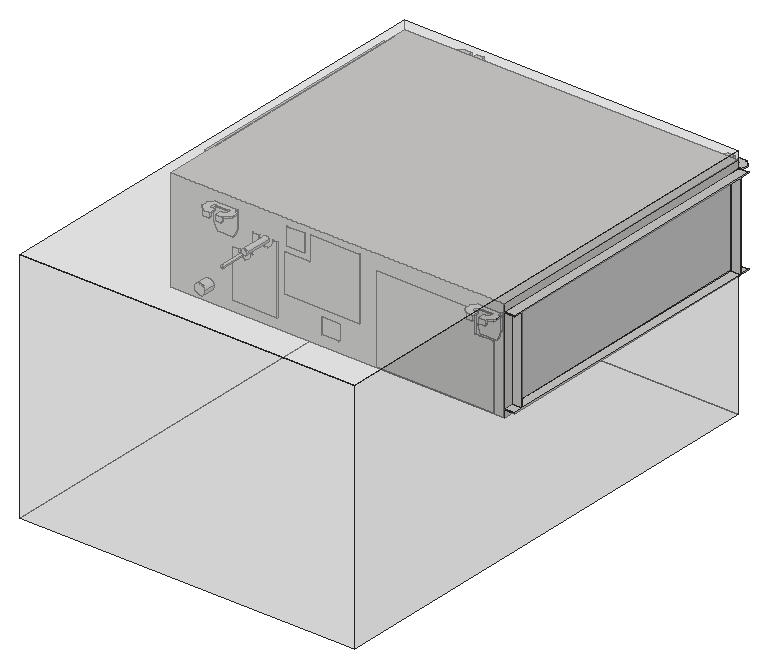
Revit family "outputfile", category 機械設備, Revit 2024
Family settings
  丸型コネクタ寸法 = 半径を使用
  パーツ タイプ = 標準
  OmniClass 番号 = 23.75.10.24.21.27.27
  OmniClass タイトル = Split System Air Conditioning Units
  作業面ベース = いいえ
  常に垂直 = はい
  ロード時にボイドで切り取り = いいえ
  注釈の向きを維持 = いいえ
  共有 = いいえ
  部屋計算ポイント = はい
Parameters (values of type "FBFC50DVM9")
  Description = ""
  製造元 = "Daikin"
  書き出し IFC クラス(タイプ) = "IfcUnitaryEquipmentType"
  定義済み IFC タイプ(タイプ) = "AIRCONDITIONINGUNIT"
  Cost = 0
  モデル = "FBFC50DVM9"
  Type Comments = ""
  Keynote = ""
  Type Image = (empty or 0)
  Assembly Code = ""
  switch_frequency = yes
  r_Liquid Pipe Size = Liquid Pipe Size / 2  # 3.2 mm
  r_Gas Pipe Size = Gas Pipe Size / 2  # 6.35 mm
  r_Drain Pipe Size = Drain Pipe Size / 2  # 12.5 mm
  lw_power = 770.0 mm  # constant formula
  lh_SA = 138.0 mm  # constant formula
  lw_SA = if(Depth = 550.0 mm, 225.0 mm, if(Depth = 700.0 mm, 300.0 mm, if(Depth = 1000.0 mm, 450.0 mm, if(Depth = 1400.0 mm, 650.0 mm, 725.0 mm))))  # 300.0 mm
  lw_RA = if(Depth = 550.0 mm, 275.0 mm, if(Depth = 700.0 mm, 349.0 mm, if(Depth = 1000.0 mm, 499.0 mm, if(Depth = 1400.0 mm, 699.0 mm, 775.0 mm))))  # 349.0 mm
  lh_power = 60.0 mm + [h***]  # 60.0 mm
  lh_mountinghole1 = lh_mountinghole + [h***]  # 222.0 mm
  lh_RA = 123.0 mm  # constant formula
  ld_power = Depth / 2  # 350.0 mm
  connector_voltage = Voltage_50Hz  # 230 V
  connector_powerinput = [Power Input (Cooling)]  # 0.000 kW
  connector_phase = Phase_50Hz  # 1
  Voltage_comment_50Hz = "220 - 240"
  Voltage_50Hz = 230 V
  URL = ""
  Supply Air Direction [instance] = yes
  Sound Power Level_H speed (dB) = 0
  Phase_50Hz = 1
  Minimum External Static Pressure = 30.00 Pa
  Minimum Circuit Amps_50Hz = 0.0 A
  Maximum Fuse Amps_50Hz = 0.0 A
  Maximum External Static Pressure = 130.00 Pa
  Material_Casing = DAIKIN_GalvanizedSteel_Casing_indoorunit
  lw_mountinghole = 630.0 mm  # constant formula
  lh_gaspipe = 183.0 mm + [h***]  # 183.0 mm
  lh_mountinghole = 222.0 mm  # constant formula
  lh_liquidpipe = 136.0 mm + [h***]  # 136.0 mm
  lh_drainpipe = 38.0 mm + [h***]  # 38.0 mm
  lh_antena = Height - lh_mountinghole + 1.0 mm  # 24.0 mm
  ld_drainpipe = Depth / 2 + 26.0 mm  # 376.0 mm
  ld_liquidpipe = Depth / 2 + 69.0 mm  # 419.0 mm
  ld_gaspipe = Depth / 2 + 65.0 mm  # 415.0 mm
  ld_mountinghole = Depth + 38.0 mm  # 738.0 mm
  h*** = 0.0 mm  # constant formula
  lw_liquidpipe = 179.0 mm  # constant formula
  lw_gaspipe = 229.0 mm  # constant formula
  lw_drainpipe = 91.0 mm  # constant formula
  Width = 800.0 mm
  Version = "ver.1.0"
  Unit Type = "M.S.P. Duct"
  Unit Mass Weight = 26.00 kg
  Unit Designation [instance] = ""
  Uniclass2015Version = "Products v1.30"
  Uniclass2015Title = "Split coil room air conditioning units"
  Uniclass2015Code = "Pr_70_65_03_86"
  Total Cooling Capacity [instance] = 0.000 kW
  Sound Pressure Level_M speed (dBA) = 35
  Sound Pressure Level_L speed (dBA) = 30
  Sound Pressure Level_H speed (dBA) = 37
  Series = "SkyAir_Fan Coil Unit"
  Sensible Cooling Capacity [instance] = 0.000 kW
  SA Duct Size Width = 492.0 mm
  SA Duct Size Height = 176.0 mm
  Refrigerant Type = "R32"
  RA Duct Size Width = 654.0 mm
  RA Duct Size Height = 208.0 mm
  Power Input (Cooling) = 0.000 kW
  Option Accessory 3 [instance] = ""
  Option Accessory 2 [instance] = ""
  Option Accessory 1 [instance] = ""
  Nominal Cooling Capacity = 5.000 kW
  Minimum Airflow = 540.00 m³/h
  Median Airflow = 720.00 m³/h
  Maximum Airflow = 930.00 m³/h
  Load Classification = HVAC
  Liquid Pipe Size = 6.4 mm
  Link_Nested Family [instance] = ""
  IfcVersion = ""
  IfcExportType = "AIRCONDITIONINGUNIT"
  IfcExportAs = "IfcUnitaryEquipmentType"
  Height = 245.0 mm
  Heat Exchanger Type = "Cross Fin Coil"
  Gas Pipe Size = 12.7 mm
  Frequency_50Hz = 50 Hz
  Fan Type = "Sirocco Fan"
  Fan Drive = "Direct Drive"
  FCU Tag No. [instance] = ""
  Drain Pipe Size = 25.0 mm
  Design Supply Airflow [instance] = 0.00 m³/h
  Design Return Airflow [instance] = 0.00 m³/h
  Design External Static Pressure [instance] = 0.00 Pa
  Depth = 700.0 mm
  既定の高さ = 0.0 mm
  Cooling Entering Wet Bulb Temperature [instance] = 0.00 °C
  Cooling Entering Dry Bulb Temperature [instance] = 0.00 °C
  Cooling Ambient Wet Bulb Temperature [instance] = 0.00 °C
  Cooling Ambient Dry Bulb Temperature [instance] = 0.00 °C
  Clearance visibility [instance] = yes
  Clearance Top = 20.0 mm
  Clearance Right = 0.0 mm
  Clearance Rear = 0.0 mm
  Clearance Left = 0.0 mm
  Clearance Front = 450.0 mm
  Clearance Bottom = 300.0 mm
Reference planes
  plane 1 "Center (Front/Back)": y = 0
  plane 2 "h": z = 0
  plane 3 "Center (Left/Right)": x = 0
  plane 4 "Back": y = 350
  plane 5 "Front": y = -350
  plane 6 "Left": x = -400
  plane 7 "Right": x = 400
  plane 8 "Top": z = 0
  plane 9 "Bottom": z = -245
  plane 10: y = -215
  plane 11: y = 350
  plane 12: y = -800
  plane 13: x = -400
  plane 14: x = 400
  plane 15: z = 20
  plane 16: z = -545
  plane 17: x = -400
  plane 18: x = -399
  plane 19: x = 399
  plane 20: y = 50
  plane 21: y = -1
  plane 22: z = -122
  plane 23: y = -351
  plane 24: z = -109
  plane 25: x = -221
  plane 26: y = -415
  plane 27: z = -62
  plane 28: x = -171
  plane 29: y = -376
  plane 30: z = -207
  plane 31: x = -309
  plane 32: x = -309
  plane 33: x = -221
  plane 34: x = -171
  plane 35: x = 370
  plane 36: x = -266
  plane 37: x = 364
  plane 38: y = -369
  plane 39: y = 369
  plane 40: z = -23
  plane 41: z = -107
  plane 42: y = -419
  plane 43: y = -376
  plane 44: x = -251
  plane 45: x = -203
  plane 46: x = -144
  plane 47: z = -59
  plane 48: z = -106
  plane 49: z = -221
  plane 50: z = -109
  plane 51: x = -221
  plane 52: z = -62
  plane 53: x = -171
  plane 54: z = -17
  plane 55: z = -59
  plane 56: x = -121
  plane 57: x = -79
  plane 58: x = -125
  plane 59: x = -64
  plane 60: x = 53
  plane 61: z = -164
  plane 62: z = -73
  plane 63: z = -16
  plane 64: x = 93.5
  plane 65: x = 374.5
  plane 66: x = 330
  plane 67: z = -88.5
  plane 68: z = -38
  plane 69: z = -242.5
  plane 70: x = -38.5
  plane 71: x = 6.5
  plane 72: z = -181
  plane 73: z = -221
  plane 74: y = -349
  plane 75: x = -424
  plane 76: x = 424
Forms (mm)
  Extrusion 1, solid, material "DAIKIN_GalvanizedSteel_Casing_indoorunit" <- "Material_Casing"
    sketch origin (0, 0, 0) x (1, 0, 0) y (0, 1, 0)
      loop
        line (-399, 350) -> (-399, -350) -> (399, -350) -> (399, 350) -> (-399, 350)
    from -245 to 0
  Extrusion 2, solid, material "DAIKIN_GalvanizedSteel_Casing_indoorunit" <- "Material_Casing"
    sketch origin (0, 0, 0) x (1, 0, 0) y (0, 0, 1)
      loop
        line (-251, -221) -> (-144, -221) -> (-144, -59) -> (-154.47, -59)
        arc (-154.47, -59) -> (-171, -78.8) -> (-187.53, -59) r 16.8
        line (-187.53, -59) -> (-203, -59) -> (-203, -106) -> (-206.916, -106)
        arc (-206.916, -106) -> (-221, -123.4) -> (-235.084, -106) r 14.4
        line (-235.084, -106) -> (-251, -106) -> (-251, -221)
    from 350 to 351
  Extrusion 3, solid, material "DAIKIN_GalvanizedSteel_Casing_indoorunit" <- "Material_Casing"
    sketch origin (0, 0, 0) x (1, 0, 0) y (0, 0, 1)
      loop
        line (-121, -17) -> (-121, -59) -> (-79, -59) -> (-79, -17) -> (-121, -17)
      loop
        line (-125, -73) -> (-125, -164) -> (53, -164) -> (53, -16) -> (-64, -16) -> (-64, -73) -> (-125, -73)
    from 350 to 351
  Extrusion 4, solid, material "DAIKIN_GalvanizedSteel_Casing_indoorunit" <- "Material_Casing"
    sketch origin (0, 0, 0) x (1, 0, 0) y (0, 0, 1)
      loop
        line (93.5, -38) -> (93.5, -242.5) -> (374.5, -242.5) -> (374.5, -88.5) -> (330, -88.5) -> (330, -38) -> (93.5, -38)
    from 350 to 351
  Extrusion 5, solid, material "DAIKIN_GalvanizedSteel_Casing_indoorunit" <- "Material_Casing"
    sketch origin (0, 0, 0) x (1, 0, 0) y (0, 0, 1)
      loop
        circle (-221, -109) r 3.2
    from 350 to 419
  Extrusion 6, solid, material "DAIKIN_GalvanizedSteel_Casing_indoorunit" <- "Material_Casing"
    sketch origin (0, 0, 0) x (1, 0, 0) y (0, 0, 1)
      loop
        circle (-171, -62) r 6.35
    from 350 to 415
  Extrusion 7, solid, material "DAIKIN_GalvanizedSteel_Casing_indoorunit" <- "Material_Casing"
    sketch origin (0, 0, 0) x (1, 0, 0) y (0, 0, 1)
      loop
        circle (-309, -207) r 12.5
    from 350 to 376
  Extrusion 8, void
    sketch origin (0, 0, 0) x (1, 0, 0) y (0, 0, 1)
      loop
        line (-38.5, -181) -> (-38.5, -221) -> (6.5, -221) -> (6.5, -181) -> (-38.5, -181)
    from 349 to 350
Cuts and joins
  Extrusion 8 cuts Extrusion 1
Dimensions and locks
  "Height": plane 8 "Top" to plane 9 "Bottom"
  equal spacing: plane 4 "Back", plane 1 "Center (Front/Back)", plane 5 "Front"
  "Depth": plane 4 "Back" to plane 5 "Front"
  equal spacing: plane 6 "Left", plane 3 "Center (Left/Right)", plane 7 "Right"
  "Width": plane 6 "Left" to plane 7 "Right"
  "Clearance Left": plane 13 to plane 6 "Left"
  "Clearance Right": plane 7 "Right" to plane 14
  "Clearance Rear": plane 11 to plane 4 "Back"
  "Clearance Front": plane 5 "Front" to plane 12
  "Clearance Top": plane 15 to plane 8 "Top"
  "Clearance Bottom": plane 9 "Bottom" to plane 16
  locked: plane 17 to plane 18 at 1
  locked: plane 19 to plane 14 at 1
  "lw_SA": plane 11 to plane 20
  "lw_RA": plane 21 to plane 5 "Front"
  "lh_RA": plane 22 to plane 9 "Bottom"
  locked: plane 5 "Front" to plane 23 at 1
  "lw_liquidpipe": plane 25 to plane 6 "Left"
  "lh_liquidpipe": plane 24 to plane 9 "Bottom"
  "lh_gaspipe": plane 27 to plane 9 "Bottom"
  "lw_gaspipe": plane 28 to plane 6 "Left"
  "ld_gaspipe": plane 26 to plane 1 "Center (Front/Back)"
  "ld_drainpipe": plane 29 to plane 1 "Center (Front/Back)"
  "lh_drainpipe": plane 30 to plane 9 "Bottom"
  "lw_drainpipe": plane 31 to plane 6 "Left"
  "lw_drainpipe": plane 6 "Left" to plane 32
  "lw_liquidpipe": plane 6 "Left" to plane 33
  "lw_gaspipe": plane 6 "Left" to plane 34
  "lw_power": plane 6 "Left" to plane 35
  locked: plane 17 to plane 36 at 134
  "lw_mountinghole": plane 36 to plane 37
  equal spacing: plane 38, plane 1 "Center (Front/Back)", plane 39
  "ld_mountinghole": plane 39 to plane 38
  "lh_mountinghole": plane 40 to plane 9 "Bottom"
  "lh_SA": plane 41 to plane 9 "Bottom"
  plane 46 to plane 45 to plane 44 to plane 6 "Left" = 59.0 mm, 48.0 mm, 149.0 mm
  plane 8 "Top" to plane 47 to plane 48 to plane 49 = 59.0 mm locked, 47.0 mm locked, 115.0 mm locked
  plane 53 to plane 51 to plane 6 "Left" = 50.0 mm locked, 179.0 mm locked
  plane 52 to plane 50 to plane 9 "Bottom" = 47.0 mm locked, 136.0 mm locked
  plane 57 to plane 56 to plane 6 "Left" = 42.0 mm locked, 279.0 mm locked
  plane 8 "Top" to plane 54 to plane 55 = 17.0 mm locked, 42.0 mm locked
  plane 60 to plane 59 to plane 58 to plane 6 "Left" = 117.0 mm, 61.0 mm, 275.0 mm
  plane 8 "Top" to plane 63 to plane 62 = 16.0 mm locked, 57.0 mm locked
  locked: plane 63 to plane 61 at 148
  plane 8 "Top" to plane 68 to plane 67 to plane 69 = 38.0 mm locked, 50.5 mm locked, 154.0 mm locked
  plane 65 to plane 66 to plane 64 to plane 6 "Left" = 44.5 mm locked, 236.5 mm locked, 493.5 mm locked
  plane 8 "Top" to plane 72 to plane 73 = 181.0 mm locked, 40.0 mm locked
  plane 71 to plane 70 to plane 6 "Left" = 45.0 mm, 361.5 mm
  locked: plane 74 to plane 5 "Front" at 1
  locked: plane 75 to plane 17 at 24
  locked: plane 14 to plane 76 at 24
  "ld_liquidpipe": plane 42 to plane 1 "Center (Front/Back)"
  "r_Liquid Pipe Size": radius of Extrusion 5 sketch curve
  "r_Gas Pipe Size": radius of Extrusion 6 sketch curve
  "r_Drain Pipe Size": radius of Extrusion 7 sketch curve
  aligned and locked: level to plane 2 "h"
  aligned and locked: plane 8 "Top" to Extrusion 1
  aligned and locked: Extrusion 1 to plane 9 "Bottom"
  aligned and locked: nested 5 to plane 12
  aligned and locked: plane 13 to nested 5
  aligned and locked: plane 14 to nested 5
  aligned and locked: nested 5 to plane 13
  aligned and locked: plane 11 to nested 5
  aligned and locked: plane 15 to nested 5
  aligned and locked: plane 16 to nested 5
  aligned and locked: plane 5 "Front" to Extrusion 1 sketch curve
  aligned and locked: Extrusion 1 to plane 18
  aligned and locked: plane 19 to Extrusion 1
  aligned and locked: nested 7 to plane 18
  aligned and locked: nested 7 to plane 20
  aligned and locked: plane 19 to nested 8
  aligned and locked: plane 21 to nested 8
  aligned and locked: plane 22 to nested 8
  aligned and locked: Extrusion 2 to plane 23
  aligned and locked: plane 5 "Front" to Extrusion 2
  aligned and locked: Extrusion 3 to plane 23
  aligned and locked: plane 5 "Front" to Extrusion 3
  aligned and locked: plane 5 "Front" to Extrusion 4
  aligned and locked: Extrusion 5 sketch curve to plane 25
  aligned and locked: plane 24 to Extrusion 5 sketch curve
  aligned and locked: plane 5 "Front" to Extrusion 5
  aligned and locked: Extrusion 6 sketch curve to plane 28
  aligned and locked: plane 27 to Extrusion 6 sketch curve
  aligned and locked: plane 5 "Front" to Extrusion 6
  aligned and locked: Extrusion 7 sketch curve to plane 31
  aligned and locked: plane 30 to Extrusion 7 sketch curve
  aligned and locked: Extrusion 7 to plane 29
  aligned and locked: nested 3 to plane 29
  aligned and locked: plane 32 to nested 3
  aligned and locked: nested 2 to plane 33
  aligned and locked: nested 1 to plane 34
  aligned and locked: Extrusion 6 to plane 26
  aligned and locked: nested 1 to plane 26
  aligned and locked: nested 6 to plane 5 "Front"
  aligned and locked: nested 6 to plane 35
  aligned and locked: plane 36 to nested 10
  aligned and locked: nested 10 to plane 5 "Front"
  aligned and locked: plane 37 to nested 9
  aligned and locked: nested 9 to plane 5 "Front"
  aligned and locked: nested 11 to plane 36
  aligned and locked: plane 4 "Back" to nested 11
  aligned and locked: nested 12 to plane 37
  aligned and locked: plane 4 "Back" to nested 12
  aligned and locked: plane 40 to nested 10
  aligned and locked: plane 40 to nested 11
  aligned and locked: plane 40 to nested 9
  aligned and locked: plane 40 to nested 12
  aligned and locked: plane 36 to nested 14
  aligned and locked: nested 14 to plane 39
  aligned and locked: plane 37 to nested 13
  aligned and locked: nested 13 to plane 39
  aligned and locked: plane 37 to nested 16
  aligned and locked: plane 38 to nested 16
  aligned and locked: plane 38 to nested 15
  aligned and locked: plane 36 to nested 15
  aligned and locked: plane 17 to plane 6 "Left"
  aligned and locked: plane 41 to nested 7
  aligned and locked: Extrusion 5 to plane 42
  aligned and locked: nested 2 to plane 42
  aligned and locked: Extrusion 3 sketch curve to plane 54
  aligned and locked: Extrusion 3 sketch curve to plane 56
  aligned and locked: plane 55 to Extrusion 3 sketch curve
  aligned and locked: plane 57 to Extrusion 3 sketch curve
  aligned and locked: Extrusion 4 to plane 23
  aligned and locked: Extrusion 8 sketch curve to plane 72
  aligned and locked: plane 73 to Extrusion 8 sketch curve
  aligned and locked: plane 71 to Extrusion 8 sketch curve
  aligned and locked: plane 5 "Front" to Extrusion 8
  aligned and locked: plane 74 to Extrusion 8
  aligned and locked: nested 17 to plane 20
  aligned and locked: nested 17 to plane 75
  aligned and locked: plane 21 to nested 18
  aligned and locked: plane 76 to nested 18
  aligned and locked: plane 41 to nested 17
  aligned and locked: nested 18 to plane 22
  aligned and locked: nested 4 to plane 3 "Center (Left/Right)"
  aligned and locked: plane 1 "Center (Front/Back)" to nested 4
  aligned and locked: level to plane 8 "Top"
  aligned and locked: plane 5 "Front" to Extrusion 7
Automatic sketch dimensions
  plane 6 "Left" to Extrusion 1 sketch curve = 1.0 mm
  Extrusion 1 sketch curve to plane 7 "Right" = 1.0 mm
  Extrusion 1 sketch curve to plane 4 "Back" = 0.0 mm
  Extrusion 2 sketch curve to plane 44 = 0.0 mm
  Extrusion 2 sketch curve to plane 33 = 0.0 mm
  Extrusion 2 sketch curve to plane 45 = 0.0 mm
  Extrusion 2 sketch curve to plane 34 = 0.0 mm
  Extrusion 2 sketch curve to plane 46 = 0.0 mm
  Extrusion 2 sketch curve to plane 49 = 0.0 mm
  Extrusion 2 sketch curve to plane 50 = 0.0 mm
  Extrusion 2 sketch curve to plane 48 = 0.0 mm  (x3)
  Extrusion 2 sketch curve to plane 52 = 0.0 mm
  Extrusion 2 sketch curve to plane 47 = 0.0 mm  (x3)
  plane 33 to Extrusion 2 sketch curve = 14.084 mm
  plane 34 to Extrusion 2 sketch curve = 16.53 mm
  Extrusion 3 sketch curve to plane 58 = 0.0 mm
  Extrusion 3 sketch curve to plane 59 = 0.0 mm
  Extrusion 3 sketch curve to plane 60 = 0.0 mm
  Extrusion 3 sketch curve to plane 61 = 0.0 mm
  Extrusion 3 sketch curve to plane 62 = 0.0 mm
  Extrusion 3 sketch curve to plane 63 = 0.0 mm
  Extrusion 4 sketch curve to plane 64 = 0.0 mm
  Extrusion 4 sketch curve to plane 66 = 0.0 mm
  Extrusion 4 sketch curve to plane 65 = 0.0 mm
  Extrusion 4 sketch curve to plane 69 = 0.0 mm
  Extrusion 4 sketch curve to plane 67 = 0.0 mm
  Extrusion 4 sketch curve to plane 68 = 0.0 mm
  Extrusion 8 sketch curve to plane 70 = 0.0 mm
Nested families
  nested 1: "daikin_connector_rotate2" at (-171, 0, -62), length <- "ld_gaspipe", built-in parameter 1001364 <- "lh_gaspipe", radius <- "r_Gas Pipe Size", type "daikin_connector_rotate2"
    with radius 6.35 mm, length 415.0 mm, angle_vertical 90.00°
  nested 2: "daikin_connector_rotate2" at (-221, 0, -109), length <- "ld_liquidpipe", built-in parameter 1001364 <- "lh_liquidpipe", radius <- "r_Liquid Pipe Size", type "daikin_connector_rotate2"
    with radius 3.2 mm, length 419.0 mm, angle_vertical 90.00°
  nested 3: "daikin_connector_rotate2" at (-309, 0, -207), length <- "ld_drainpipe", built-in parameter 1001364 <- "lh_drainpipe", radius <- "r_Drain Pipe Size", type "daikin_connector_rotate2"
    with radius 12.5 mm, length 376.0 mm, angle_vertical 90.00°
  nested 4: "daikin_△_symbolicline" at (0, 0, 245) x (0, -1, 0) z (0, 0, 1), built-in parameter 1001364 <- "Height", visible <- "Supply Air Direction", type "daikin_△_symbolicline"
    with length 200.0 mm
  nested 5: "daikin_clearancespace" at (0, -225, -262.381), visible <- "Clearance visibility", show <- "Clearance visibility", Link_Nested Family <- "Link_Nested Family", type "daikin_clearancespace"
    with width 800.0 mm, show yes, height 565.0 mm, depth 1150.0 mm, Link_Nested Family ""
  nested 6: "daikin_connector_rotate2" at (370, 0, -185), built-in parameter 1001364 <- "lh_power", length <- "ld_power", type "daikin_connector_rotate2"
    with radius 10.0 mm, length 350.0 mm, angle_vertical 90.00°
  nested 7: "daikin_ductflange_FBFC-DVM92" at (-399, 50, -107) x (0, -1, 0) z (0, 0, 1), type "daikin_ductflange_FBFC-DVM92"
    with width 492.0 mm, w 700.0 mm
  nested 8: "daikin_ductflange_FBFC-DVM9" at (399, -1, -122) x (0, 1, 0) z (0, 0, 1), type "daikin_ductflange_FBFC-DVM9"
  nested 9: "daikin_hangerfixture_FBFC-DVM9" at (364, -350, -23), type "daikin_hangerfixture_FBFC-DVM9"
  nested 10: "daikin_hangerfixture_FBFC-DVM9" at (-266, -350, -23), type "daikin_hangerfixture_FBFC-DVM9"
  nested 11: "daikin_hangerfixture_FBFC-DVM9" at (-266, 350, -23) x (-1, 0, 0) z (0, 0, 1), type "daikin_hangerfixture_FBFC-DVM9"
  nested 12: "daikin_hangerfixture_FBFC-DVM9" at (364, 350, -23) x (-1, 0, 0) z (0, 0, 1), type "daikin_hangerfixture_FBFC-DVM9"
  nested 13: "daikin_mountinghole" at (364, 369, -245), h_mountinghole <- "lh_mountinghole1", l_antenna <- "lh_antena", Link_Nested Family <- "Link_Nested Family", type "daikin_mountinghole"
    with show yes, l_antenna 24.0 mm, h_mountinghole 222.0 mm, Link_Nested Family ""
  nested 14: "daikin_mountinghole" at (-266, 369, -245), h_mountinghole <- "lh_mountinghole1", l_antenna <- "lh_antena", Link_Nested Family <- "Link_Nested Family", type "daikin_mountinghole"
    with show yes, l_antenna 24.0 mm, h_mountinghole 222.0 mm, Link_Nested Family ""
  nested 15: "daikin_mountinghole" at (-266, -369, -245), h_mountinghole <- "lh_mountinghole1", l_antenna <- "lh_antena", Link_Nested Family <- "Link_Nested Family", type "daikin_mountinghole"
    with show yes, l_antenna 24.0 mm, h_mountinghole 222.0 mm, Link_Nested Family ""
  nested 16: "daikin_mountinghole" at (364, -369, -245), h_mountinghole <- "lh_mountinghole1", l_antenna <- "lh_antena", Link_Nested Family <- "Link_Nested Family", type "daikin_mountinghole"
    with show yes, l_antenna 24.0 mm, h_mountinghole 222.0 mm, Link_Nested Family ""
  nested 17: "daikin_connector_rotate2" at (-400, 50, -107) x (0, -1, 0) z (0, 0, 1), type "daikin_connector_rotate2"
    with radius 10.0 mm, length 24.0 mm, angle_vertical 90.00°
  nested 18: "daikin_connector_rotate2" at (400, -1, -122) x (0, 1, 0) z (0, 0, 1), type "daikin_connector_rotate2"
    with radius 10.0 mm, length 24.0 mm, angle_vertical 90.00°
Connectors
  piping at (-309, -376, -207), diameter 25, driven by "r_Drain Pipe Size"
    settings: on nested 3, index 3, connector inside diameter 609.6 mm, connector length 0.0 mm, flow factor 0, pipe flow 0.00 m³/h, pressure drop 0.0 Pa, fitting loss kfactor 0, connector angle 0.00°, fixture units 0, engagement length 0.0 mm, angle of deflection 0.00°, flow configuration 1, flow direction 2, fitting loss method 4, system type 16, joint type 0, gender type 0, connector reference index -1, connector utility 0, adjustable connector no, is connector primary yes, connector description "Condensate Drain Piping"
  piping at (-171, -415, -62), diameter 12.7, driven by "r_Gas Pipe Size"
    settings: on nested 1, index 4, connector inside diameter 609.6 mm, connector length 0.0 mm, flow factor 0, pipe flow 0.00 m³/h, pressure drop 0.0 Pa, fitting loss kfactor 0, connector angle 0.00°, fixture units 0, engagement length 0.0 mm, angle of deflection 0.00°, flow configuration 1, flow direction 2, fitting loss method 0, system type 29, joint type 0, gender type 0, connector reference index -1, connector utility 0, adjustable connector no, is connector primary no, connector description "Refrigerant Gas Piping"
  piping at (-221, -419, -109), diameter 6.4, driven by "r_Liquid Pipe Size"
    settings: on nested 2, index 5, connector inside diameter 609.6 mm, connector length 0.0 mm, flow factor 0, pipe flow 0.00 m³/h, pressure drop 0.0 Pa, fitting loss kfactor 0, connector angle 0.00°, fixture units 0, engagement length 0.0 mm, angle of deflection 0.00°, flow configuration 1, flow direction 1, fitting loss method 0, system type 29, joint type 0, gender type 0, connector reference index -1, connector utility 0, adjustable connector no, is connector primary no, connector description "Refrigerant Liquid Piping"
  electrical at (370, -350, -185), driven by "Load Classification", driven by "connector_phase", driven by "connector_powerinput", driven by "connector_voltage"
    settings: on nested 6, index 6, voltage 230 V, apparent load 0 VA, apparent load phase1 0 VA, apparent load phase2 0 VA, apparent load phase3 0 VA, power factor 1, load classification "HVAC", number of poles 1, system type 30, power factor state 1, is connector primary yes, connector utility no, sub classification motor no, connector description "Power Supply"
  hvac at (-424, 50, -107), driven by "SA Duct Size Height", driven by "SA Duct Size Width"
    settings: on nested 17, index 7, duct flow 0.00 m³/h, flow factor 0, pres drop 0.00 Pa, loss coef 0, conn angle 0.00°, conn width 492.0 mm, conn height 176.0 mm, conn diameter 609.6 mm, duct sys type 1, conn prof type 1, flow config 0, flow direction 2, loss method 4, conn ref index -1, conn util no, is conn primary yes, conn desc "SA Duct"
  hvac at (424, -1, -122), driven by "RA Duct Size Height", driven by "RA Duct Size Width"
    settings: on nested 18, index 8, duct flow 0.00 m³/h, flow factor 0, pres drop 0.00 Pa, loss coef 0, conn angle 0.00°, conn width 654.0 mm, conn height 208.0 mm, conn diameter 609.6 mm, duct sys type 2, conn prof type 1, flow config 0, flow direction 1, loss method 4, conn ref index -1, conn util no, is conn primary no, conn desc "RA Duct"
Definition of nested family "daikin_clearancespace"
  Parameters (values of type "daikin_clearancespace")
    Description = "daikin_clearancespace"
    width [instance] = 1823.963 mm
    show [instance] = yes
    material = none
    height [instance] = 1359.762 mm
    depth [instance] = 880.0 mm
    Default Elevation = 0.0 mm
    Link_Nested Family [instance] = ""
  Reference planes
    plane 1 "Center (Front/Back)": y = 0
    plane 2 "Center (Elevation)": z = -0.119
    plane 3 "Center (Left/Right)": x = 0
    plane 4: y = 440
    plane 5: y = -440
    plane 6 "Right": x = 911.982
    plane 7 "Left": x = -911.982
    plane 8 "Top": z = 679.762
    plane 9 "Bottom": z = -680
  Forms (mm)
    Extrusion 1, solid, material <- "material", visible <- "show"
      sketch origin (0, 0, 0) x (1, 0, 0) y (0, 1, 0)
        loop
          line (-911.982, 440) -> (-911.982, -440) -> (911.982, -440) -> (911.982, 440) -> (-911.982, 440)
      from -680 to 679.762
  Lines and regions (mm)
    symbolic lines, visible <- "show"
      curve 1: line (911.982, 440, 0) -> (-911.982, 440, 0)
      curve 2: line (-911.982, 440, 0) -> (-911.982, -440, 0)
      curve 3: line (-911.982, -440, 0) -> (911.982, -440, 0)
      curve 4: line (911.982, -440, 0) -> (911.982, 440, 0)
      curve 5: line (911.982, 0, 679.762) -> (-911.982, 0, 679.762)
      curve 6: line (911.982, 0, -680) -> (911.982, 0, 679.762)
      curve 7: line (-911.982, 0, -680) -> (911.982, 0, -680)
      curve 8: line (-911.982, 0, 679.762) -> (-911.982, 0, -680)
      curve 9: line (0, 440, 679.762) -> (0, -440, 679.762)
      curve 10: line (0, -440, 679.762) -> (0, -440, -680)
      curve 11: line (0, 440, -680) -> (0, 440, 679.762)
      curve 12: line (0, -440, -680) -> (0, 440, -680)
  Dimensions and locks
    "width": plane 7 "Left" to plane 6 "Right"
    "depth": plane 4 to plane 5
    "height": plane 8 "Top" to plane 9 "Bottom"
    equal spacing: plane 7 "Left", plane 3 "Center (Left/Right)", plane 6 "Right"
    equal spacing: plane 4, plane 1 "Center (Front/Back)", plane 5
    equal spacing: plane 8 "Top", plane 2 "Center (Elevation)", plane 9 "Bottom"
    aligned and locked: level to plane 2 "Center (Elevation)"
    aligned and locked: Extrusion 1 sketch curve to plane 4
    aligned and locked: plane 7 "Left" to Extrusion 1 sketch curve
    aligned and locked: Extrusion 1 sketch curve to plane 5
    aligned and locked: Extrusion 1 sketch curve to plane 6 "Right"
    aligned and locked: plane 8 "Top" to Extrusion 1
    aligned and locked: curve 1 to Extrusion 1
    aligned and locked: curve 2 to Extrusion 1
    aligned and locked: curve 3 to Extrusion 1
    aligned and locked: curve 4 to Extrusion 1
    aligned and locked: curve 5 to Extrusion 1
    aligned and locked: curve 6 to Extrusion 1
    aligned and locked: curve 7 to Extrusion 1
    aligned and locked: curve 8 to Extrusion 1
    aligned and locked: curve 9 to Extrusion 1
    aligned and locked: curve 10 to Extrusion 1
    aligned and locked: curve 11 to Extrusion 1
    aligned and locked: curve 12 to Extrusion 1
    aligned and locked: Extrusion 1 to plane 9 "Bottom"
Definition of nested family "daikin_ductflange_FBFC-DVM92"
  Parameters (values of type "daikin_ductflange_FBFC-DVMG2")
    width = if(w = 550.0 mm, 337.0 mm, if(w = 700.0 mm, 492.0 mm, if(w = 1000.0 mm, 792.0 mm, if(w = 1400.0 mm, 1192.0 mm, 1337.0 mm))))  # 1192.0 mm
    material = none
    height = 215.0 mm
    depth = 1.0 mm
    w = 1400.0 mm
    Default Elevation = 0.0 mm
  Reference planes
    plane 1 "Center (Front/Back)": y = 0
    plane 2: z = 0
    plane 3 "Center (Left/Right)": x = 0
    plane 4: z = 88
    plane 5: z = -88
    plane 6: y = -25
    plane 7: z = 106
    plane 8: z = 89
    plane 9: y = -1
    plane 10: x = -617.5
    plane 11: x = 617.5
    plane 12: z = -106
    plane 13: z = -89
    plane 14: y = -1
    plane 15: x = 596
    plane 16: x = -596
    plane 17: x = 597
    plane 18: z = 87
    plane 19: z = -87
    plane 20: x = -597
    plane 21: z = 87
    plane 22: z = -87
    plane 23: y = -1
  Forms (mm)
    Extrusion 1, solid, material <- "material"
      sketch origin (0, 0, 0) x (0, 1, 0) y (0, 0, 1)
        loop
          line (-25, 88) -> (0, 88) -> (0, 106) -> (-1, 106) -> (-1, 89) -> (-25, 89) -> (-25, 88)
      from -617.5 to 617.5
    Extrusion 2, solid, material <- "material"
      sketch origin (0, 0, 0) x (0, 1, 0) y (0, 0, 1)
        loop
          line (-25, -88) -> (-25, -89) -> (-1, -89) -> (-1, -106) -> (0, -106) -> (0, -88) -> (-25, -88)
      from -617.5 to 617.5
    Extrusion 3, solid, material <- "material"
      sketch origin (0, 0, 0) x (1, 0, 0) y (0, 0, 1)
        loop
          line (596, 88) -> (596, -88) -> (617.5, -88) -> (617.5, -87) -> (597, -87) -> (597, 87) -> (617.5, 87) -> (617.5, 88) -> (596, 88)
      from 0 to 25
    Extrusion 4, solid, material <- "material"
      sketch origin (0, 0, 0) x (1, 0, 0) y (0, 0, 1)
        loop
          line (-617.5, 88) -> (-617.5, 87) -> (-597, 87) -> (-597, -87) -> (-617.5, -87) -> (-617.5, -88) -> (-596, -88) -> (-596, 88) -> (-617.5, 88)
      from 0 to 25
    Extrusion 5, solid, material <- "material"
      sketch origin (0, 0, 0) x (1, 0, 0) y (0, 0, 1)
        loop
          line (-617.5, 88) -> (-617.5, -88) -> (-596, -88) -> (-596, 88) -> (-617.5, 88)
        loop
          line (617.5, 88) -> (596, 88) -> (596, -88) -> (617.5, -88) -> (617.5, 88)
      from 0 to 1
  Cuts and joins
    joined: Extrusion 1, Extrusion 2, Extrusion 3, Extrusion 4, Extrusion 5
  Dimensions and locks
    plane 4 to level to plane 5 = 88.0 mm, 88.0 mm
    locked: plane 6 to plane 1 "Center (Front/Back)" at 25
    locked: plane 9 to plane 1 "Center (Front/Back)" at 1
    locked: plane 8 to plane 4 at 1
    locked: plane 16 to plane 10 at 21.5
    locked: plane 17 to plane 15 at 1
    locked: plane 4 to plane 18 at 1
    locked: plane 19 to plane 5 at 1
    "width": plane 15 to plane 16
    plane 4 to plane 5 = 176.0 mm
    locked: plane 16 to plane 20 at 1
    locked: plane 4 to plane 21 at 1
    locked: plane 22 to plane 5 at 1
    locked: plane 23 to plane 1 "Center (Front/Back)" at 1
    plane 4 to level to plane 5 = 88.0 mm locked, 88.0 mm locked
    locked: plane 5 to plane 13 at 1
    locked: plane 5 to plane 12 at 18
    locked: plane 7 to plane 4 at 18
    equal spacing: plane 15, plane 3 "Center (Left/Right)", plane 16
    locked: plane 11 to plane 15 at 21.5
    plane 11 to plane 10 = 1235.0 mm
    aligned and locked: level to plane 2
    aligned and locked: Extrusion 1 to plane 10
    aligned and locked: plane 11 to Extrusion 1
    aligned and locked: plane 5 to Extrusion 2
    aligned and locked: Extrusion 2 to plane 1 "Center (Front/Back)"
    aligned and locked: plane 15 to Extrusion 3 sketch curve
    aligned and locked: Extrusion 3 sketch curve to Extrusion 2  (x2)
    aligned and locked: Extrusion 3 sketch curve to plane 11
    aligned and locked: plane 6 to Extrusion 3
    aligned and locked: Extrusion 2 to plane 10
    aligned and locked: plane 11 to Extrusion 2
    aligned and locked: Extrusion 4 sketch curve to Extrusion 1  (x2)
    aligned and locked: plane 5 to Extrusion 4 sketch curve
    aligned and locked: Extrusion 4 sketch curve to plane 16
    aligned and locked: Extrusion 4 sketch curve to plane 22
    aligned and locked: plane 20 to Extrusion 4 sketch curve
    aligned and locked: plane 21 to Extrusion 4 sketch curve
    aligned and locked: Extrusion 4 to plane 1 "Center (Front/Back)"
    aligned and locked: plane 6 to Extrusion 4
    aligned and locked: Extrusion 5 sketch curve to Extrusion 1  (x4)
    aligned and locked: Extrusion 5 sketch curve to Extrusion 4  (x2)
    aligned and locked: Extrusion 5 sketch curve to Extrusion 3  (x2)
    aligned and locked: Extrusion 5 to plane 1 "Center (Front/Back)"
    aligned and locked: plane 23 to Extrusion 5
  Automatic sketch dimensions
    Extrusion 1 sketch curve to plane 6 = 0.0 mm
    Extrusion 1 sketch curve to plane 7 = 0.0 mm
    Extrusion 1 sketch curve to plane 9 = 0.0 mm
    Extrusion 1 sketch curve to plane 1 "Center (Front/Back)" = 0.0 mm
    Extrusion 1 sketch curve to plane 4 = 0.0 mm
    Extrusion 1 sketch curve to plane 8 = 0.0 mm
    Extrusion 2 sketch curve to plane 6 = 0.0 mm
    plane 12 to Extrusion 2 sketch curve = 0.0 mm
    Extrusion 2 sketch curve to plane 14 = 0.0 mm
    Extrusion 2 sketch curve to plane 1 "Center (Front/Back)" = 0.0 mm
    plane 13 to Extrusion 2 sketch curve = 0.0 mm
    Extrusion 2 sketch curve to plane 5 = 0.0 mm
    Extrusion 3 sketch curve to plane 17 = 0.0 mm
    Extrusion 3 sketch curve to plane 19 = 0.0 mm
    Extrusion 3 sketch curve to plane 18 = 0.0 mm
    Extrusion 3 sketch curve to plane 4 = 0.0 mm
    Extrusion 4 sketch curve to plane 10 = 0.0 mm
Definition of nested family "daikin_ductflange_FBFC-DVM9"
  Parameters (values of type "daikin_ductflange_FBFC-DVMG")
    width = if(w = 550.0 mm, 502.0 mm, if(w = 700.0 mm, 654.0 mm, if(w = 1000.0 mm, 952.0 mm, if(w = 1400.0 mm, 1352.0 mm, 1502.0 mm))))  # 654.0 mm
    material = none
    lw = if(width = 654.0 mm, 23.0 mm, 25.0 mm)  # 23.0 mm
    height = 208.0 mm
    depth = 1.0 mm
    w = 700.0 mm
    Default Elevation = 0.0 mm
  Reference planes
    plane 1 "Center (Front/Back)": y = 0
    plane 2: z = 0
    plane 3 "Center (Left/Right)": x = 0
    plane 4: z = 104
    plane 5: z = -104
    plane 6: y = -25
    plane 7: z = 121
    plane 8: z = 105
    plane 9: y = -1
    plane 10: x = -350
    plane 11: x = 350
    plane 12: z = -122
    plane 13: z = -105
    plane 14: y = -1
    plane 15: x = 327
    plane 16: x = -327
    plane 17: x = 328
    plane 18: z = 103
    plane 19: z = -103
    plane 20: x = -328
    plane 21: z = 103
    plane 22: z = -103
    plane 23: y = -1
  Forms (mm)
    Extrusion 1, solid, material <- "material"
      sketch origin (0, 0, 0) x (0, 1, 0) y (0, 0, 1)
        loop
          line (-25, 104) -> (0, 104) -> (0, 121) -> (-1, 121) -> (-1, 105) -> (-25, 105) -> (-25, 104)
      from -350 to 350
    Extrusion 2, solid, material <- "material"
      sketch origin (0, 0, 0) x (0, 1, 0) y (0, 0, 1)
        loop
          line (-25, -104) -> (-25, -105) -> (-1, -105) -> (-1, -122) -> (0, -122) -> (0, -104) -> (-25, -104)
      from -350 to 350
    Extrusion 3, solid, material <- "material"
      sketch origin (0, 0, 0) x (1, 0, 0) y (0, 0, 1)
        loop
          line (327, 104) -> (327, -104) -> (350, -104) -> (350, -103) -> (328, -103) -> (328, 103) -> (350, 103) -> (350, 104) -> (327, 104)
      from 0 to 25
    Extrusion 4, solid, material <- "material"
      sketch origin (0, 0, 0) x (1, 0, 0) y (0, 0, 1)
        loop
          line (-350, 104) -> (-350, 103) -> (-328, 103) -> (-328, -103) -> (-350, -103) -> (-350, -104) -> (-327, -104) -> (-327, 104) -> (-350, 104)
      from 0 to 25
    Extrusion 5, solid, material <- "material"
      sketch origin (0, 0, 0) x (1, 0, 0) y (0, 0, 1)
        loop
          line (-350, 104) -> (-350, -104) -> (-327, -104) -> (-327, 104) -> (-350, 104)
        loop
          line (350, 104) -> (327, 104) -> (327, -104) -> (350, -104) -> (350, 104)
      from 0 to 1
  Cuts and joins
    joined: Extrusion 1, Extrusion 2, Extrusion 3, Extrusion 4, Extrusion 5
  Dimensions and locks
    plane 4 to level to plane 5 = 104.0 mm, 104.0 mm
    locked: plane 6 to plane 1 "Center (Front/Back)" at 25
    locked: plane 9 to plane 1 "Center (Front/Back)" at 1
    locked: plane 8 to plane 4 at 1
    "lw": plane 11 to plane 15
    "lw": plane 16 to plane 10
    locked: plane 17 to plane 15 at 1
    locked: plane 4 to plane 18 at 1
    locked: plane 19 to plane 5 at 1
    "width": plane 15 to plane 16
    equal spacing: plane 15, plane 3 "Center (Left/Right)", plane 16
    locked: plane 16 to plane 20 at 1
    locked: plane 4 to plane 21 at 1
    locked: plane 22 to plane 5 at 1
    locked: plane 23 to plane 1 "Center (Front/Back)" at 1
    locked: plane 7 to plane 4 at 17
    locked: plane 1 "Center (Front/Back)" to plane 14 at 1
    locked: plane 5 to plane 13 at 1
    "height": plane 4 to plane 5
    plane 11 to plane 10 = 700.0 mm
    locked: plane 12 to plane 13 at 17
    equal spacing: plane 4, level, plane 5
    aligned and locked: level to plane 2
    aligned and locked: Extrusion 1 to plane 10
    aligned and locked: plane 11 to Extrusion 1
    aligned and locked: plane 5 to Extrusion 2
    aligned and locked: Extrusion 2 to plane 1 "Center (Front/Back)"
    aligned and locked: plane 15 to Extrusion 3 sketch curve
    aligned and locked: Extrusion 3 sketch curve to Extrusion 2  (x2)
    aligned and locked: Extrusion 3 sketch curve to plane 11
    aligned and locked: plane 6 to Extrusion 3
    aligned and locked: Extrusion 2 to plane 10
    aligned and locked: plane 11 to Extrusion 2
    aligned and locked: Extrusion 4 sketch curve to Extrusion 1  (x2)
    aligned and locked: plane 5 to Extrusion 4 sketch curve
    aligned and locked: Extrusion 4 sketch curve to plane 16
    aligned and locked: Extrusion 4 sketch curve to plane 22
    aligned and locked: plane 20 to Extrusion 4 sketch curve
    aligned and locked: plane 21 to Extrusion 4 sketch curve
    aligned and locked: Extrusion 4 to plane 1 "Center (Front/Back)"
    aligned and locked: plane 6 to Extrusion 4
    aligned and locked: Extrusion 5 sketch curve to Extrusion 1  (x4)
    aligned and locked: Extrusion 5 sketch curve to Extrusion 4  (x2)
    aligned and locked: Extrusion 5 sketch curve to Extrusion 3  (x2)
    aligned and locked: Extrusion 5 to plane 1 "Center (Front/Back)"
    aligned and locked: plane 23 to Extrusion 5
  Automatic sketch dimensions
    Extrusion 1 sketch curve to plane 6 = 0.0 mm
    Extrusion 1 sketch curve to plane 7 = 0.0 mm
    Extrusion 1 sketch curve to plane 9 = 0.0 mm
    Extrusion 1 sketch curve to plane 1 "Center (Front/Back)" = 0.0 mm
    Extrusion 1 sketch curve to plane 4 = 0.0 mm
    Extrusion 1 sketch curve to plane 8 = 0.0 mm
    Extrusion 2 sketch curve to plane 6 = 0.0 mm
    plane 12 to Extrusion 2 sketch curve = 0.0 mm
    Extrusion 2 sketch curve to plane 14 = 0.0 mm
    Extrusion 2 sketch curve to plane 1 "Center (Front/Back)" = 0.0 mm
    plane 13 to Extrusion 2 sketch curve = 0.0 mm
    Extrusion 2 sketch curve to plane 5 = 0.0 mm
    Extrusion 3 sketch curve to plane 17 = 0.0 mm
    Extrusion 3 sketch curve to plane 19 = 0.0 mm
    Extrusion 3 sketch curve to plane 18 = 0.0 mm
    Extrusion 3 sketch curve to plane 4 = 0.0 mm
    Extrusion 4 sketch curve to plane 10 = 0.0 mm
Definition of nested family "daikin_hangerfixture_FBFC-DVM9"
  Parameters (values of type "daikin_hangerfixture_FXMQ-PAVE")
    width = 72.0 mm
    material = none
    height = 60.0 mm
    depth = 41.0 mm
    Default Elevation = 0.0 mm
  Reference planes
    plane 1 "Center (Front/Back)": y = 0
    plane 2: z = 0
    plane 3 "Center (Left/Right)": x = 0
    plane 4: y = 417.146
    plane 5: y = -41
    plane 6: x = -36
    plane 7: x = 36
    plane 8: z = -2.3
    plane 9: z = -60
    plane 10: y = -2.3
    plane 11: z = -12
    plane 12: y = -38.7
  Forms (mm)
    Extrusion 1, solid, material <- "material"
      sketch origin (0, 0, 0) x (1, 0, 0) y (0, 1, 0)
        loop
          line (-28, 0) -> (-28, -5)
          arc (-28, -5) -> (-29.127, -8.162) -> (-32, -9.899) r 5
          arc (-32, -9.899) -> (-34.873, -11.636) -> (-36, -14.798) r 5
          line (-36, -14.798) -> (-36, -27.178)
          arc (-36, -27.178) -> (-35.429, -29.499) -> (-33.846, -31.289) r 5
          line (-33.846, -31.289) -> (-23, -38.798) -> (-23, -41.098) -> (-6.5, -41.098) -> (-6.5, -28.498)
          arc (-6.5, -28.498) -> (-7.379, -26.377) -> (-9.5, -25.498) r 3
          line (-9.5, -25.498) -> (-13.5, -25.498)
          arc (-13.5, -25.498) -> (-20, -18.998) -> (-13.5, -12.498) r 6.5
          line (-13.5, -12.498) -> (13.5, -12.498)
          arc (13.5, -12.498) -> (20, -18.998) -> (13.5, -25.498) r 6.5
          line (13.5, -25.498) -> (9.5, -25.498)
          arc (9.5, -25.498) -> (7.379, -26.377) -> (6.5, -28.498) r 3
          line (6.5, -28.498) -> (6.5, -41.098) -> (23, -41.098) -> (23, -38.798) -> (33.846, -31.289)
          arc (33.846, -31.289) -> (35.429, -29.499) -> (36, -27.178) r 5
          line (36, -27.178) -> (36, -14.596)
          arc (36, -14.596) -> (34.873, -11.434) -> (32, -9.697) r 5
          arc (32, -9.697) -> (29.127, -7.96) -> (28, -4.798) r 5
          line (28, -4.798) -> (28, 0) -> (-28, 0)
      from 0 to -2.3
    Extrusion 2, solid, material <- "material"
      sketch origin (0, 0, 0) x (1, 0, 0) y (0, 0, 1)
        loop
          line (28, -39.037) -> (28, 0) -> (-28, 0) -> (-28, -39.037)
          arc (-28, -39.037) -> (-27.91, -39.983) -> (-27.642, -40.894) r 5
          line (-27.642, -40.894) -> (-21.257, -56.857)
          arc (-21.257, -56.857) -> (-19.418, -59.14) -> (-16.615, -60) r 5
          line (-16.615, -60) -> (16.615, -60)
          arc (16.615, -60) -> (19.418, -59.14) -> (21.257, -56.857) r 5
          line (21.257, -56.857) -> (27.642, -40.894)
          arc (27.642, -40.894) -> (27.91, -39.983) -> (28, -39.037) r 5
      from 0 to 2.3
    Extrusion 3, solid, material <- "material"
      sketch origin (0, 0, 0) x (1, 0, 0) y (0, 0, 1)
        loop
          line (-23, 0) -> (-23, -9)
          arc (-23, -9) -> (-22.121, -11.121) -> (-20, -12) r 3
          line (-20, -12) -> (-9.5, -12)
          arc (-9.5, -12) -> (-7.379, -11.121) -> (-6.5, -9) r 3
          line (-6.5, -9) -> (-6.5, 0) -> (-23, 0)
        loop
          line (23, 0) -> (6.5, 0) -> (6.5, -9)
          arc (6.5, -9) -> (7.379, -11.121) -> (9.5, -12) r 3
          line (9.5, -12) -> (20, -12)
          arc (20, -12) -> (22.121, -11.121) -> (23, -9) r 3
          line (23, -9) -> (23, 0)
      from 38.8 to 41.098
  Cuts and joins
    joined: Extrusion 1, Extrusion 2, Extrusion 3
  Dimensions and locks
    plane 2 to plane 8 = 2.3 mm
    "height": plane 2 to plane 9
    locked: plane 10 to plane 1 "Center (Front/Back)" at 2.3
    locked: plane 2 to plane 11 at 12
    locked: plane 12 to plane 5 at 2.3
    aligned and locked: level to plane 2
    aligned and locked: Extrusion 1 to plane 8
    aligned and locked: plane 2 to Extrusion 1
    aligned and locked: plane 2 to Extrusion 2 sketch curve
    aligned and locked: Extrusion 2 to plane 10
    aligned and locked: Extrusion 2 to plane 1 "Center (Front/Back)"
    aligned and locked: Extrusion 3 sketch curve to cut or joined group of Extrusion 1, Extrusion 2, Extrusion 3  (x3)
    aligned and locked: cut or joined group of Extrusion 1, Extrusion 2, Extrusion 3 to Extrusion 3
  Automatic sketch dimensions
    Extrusion 2 sketch curve to plane 7 = 8.0 mm
    Extrusion 2 sketch curve to plane 8 = 36.737 mm
    plane 6 to Extrusion 2 sketch curve = 19.385 mm
    Extrusion 1 sketch curve to plane 6 = 0.0 mm
    plane 1 "Center (Front/Back)" to Extrusion 1 sketch curve = 0.0 mm
    Extrusion 1 sketch curve to plane 7 = 0.0 mm
    plane 6 to Extrusion 1 sketch curve = 2.154 mm
    plane 6 to Extrusion 1 sketch curve = 3.0 mm
    Extrusion 1 sketch curve to Extrusion 1 sketch curve = 5.0 mm  (x3)
    Extrusion 1 sketch curve to plane 12 = 0.098 mm  (x2)
    Extrusion 1 sketch curve to Extrusion 1 sketch curve = 4.0 mm  (x2)
    Extrusion 1 sketch curve to plane 5 = 0.098 mm  (x2)
    Extrusion 1 sketch curve to plane 3 "Center (Left/Right)" = 6.5 mm
    plane 3 "Center (Left/Right)" to Extrusion 1 sketch curve = 6.5 mm
    Extrusion 1 sketch curve to Extrusion 1 sketch curve = 3.0 mm
    Extrusion 1 sketch curve to plane 7 = 8.0 mm
    Extrusion 1 sketch curve to plane 7 = 5.0 mm
    Extrusion 1 sketch curve to plane 7 = 3.0 mm
    Extrusion 1 sketch curve to plane 7 = 2.154 mm
    plane 12 to Extrusion 1 sketch curve = 7.411 mm  (x2)
    plane 12 to Extrusion 1 sketch curve = 10.202 mm  (x2)
    Extrusion 1 sketch curve to Extrusion 1 sketch curve = 6.5 mm  (x2)
    Extrusion 1 sketch curve to Extrusion 1 sketch curve = 12.38 mm
    Extrusion 1 sketch curve to plane 10 = 12.296 mm
    Extrusion 1 sketch curve to plane 10 = 2.7 mm
    Extrusion 1 sketch curve to plane 10 = 2.498 mm
    plane 6 to Extrusion 1 sketch curve = 4.0 mm
    Extrusion 1 sketch curve to Extrusion 1 sketch curve = 0.0 mm  (x2)
    Extrusion 1 sketch curve to plane 7 = 4.0 mm
    Extrusion 1 sketch curve to Extrusion 1 sketch curve = 4.111 mm
    Extrusion 3 sketch curve to level = 0.0 mm  (x2)
    Extrusion 3 sketch curve to plane 11 = 0.0 mm  (x2)
    plane 11 to Extrusion 3 sketch curve = 3.0 mm  (x2)
    plane 3 "Center (Left/Right)" to Extrusion 3 sketch curve = 6.5 mm
    Extrusion 3 sketch curve to Extrusion 3 sketch curve = 3.0 mm  (x2)
    Extrusion 2 sketch curve to plane 9 = 0.0 mm
    Extrusion 2 sketch curve to Extrusion 2 sketch curve = 11.385 mm
    plane 6 to Extrusion 2 sketch curve = 8.0 mm
    plane 9 to Extrusion 2 sketch curve = 20.963 mm
    Extrusion 2 sketch curve to Extrusion 2 sketch curve = 5.0 mm  (x2)
    plane 9 to Extrusion 2 sketch curve = 3.143 mm  (x3)
    Extrusion 2 sketch curve to Extrusion 2 sketch curve = 4.642 mm  (x2)
    Extrusion 2 sketch curve to Extrusion 2 sketch curve = 0.0 mm  (x2)
    Extrusion 2 sketch curve to Extrusion 2 sketch curve = 0.358 mm
    Extrusion 2 sketch curve to Extrusion 2 sketch curve = 1.857 mm  (x2)
Definition of nested family "daikin_connector_rotate2"
  Parameters (values of type "daikin_connector_rotate2")
    Default Elevation = 1219.2 mm
    show_face = no
    radius [instance] = 10.0 mm
    length [instance] = 600.0 mm
    d_surface = 10.0 mm
    angle_vertical [instance] = 90.00°
  Reference planes
    plane 1 "Center (Front/Back)": y = 0
    plane 2: z = 0
    plane 3 "Center (Left/Right)": x = 0
  Forms (mm)
    Extrusion 1, solid, visible <- "show_face"
      sketch origin (0, -600, 0) x (1, 0, 0) y (0, 0, 1)
        loop
          circle (0, 0) r 10
      from 0 to -10
  Lines and regions (mm)
    reference lines
      curve 1: line (0, 0, 0) -> (0, -600, 0)
    symbolic lines
      curve 2: circle (0, 0, 0) r 5 normal (0, 0, 1)
    model lines, visible <- "show_face"
      curve 3: line (0, 0, 0) -> (0, -600, 0)
  Dimensions and locks
    "length": curve 1 to curve 1
    "length": curve 3 to curve 3
    "d_surface": Extrusion 1 to Extrusion 1
    "radius": radius of Extrusion 1 sketch curve
    "angle_vertical": angle curve 1 to plane 1 "Center (Front/Back)"
    "angle_vertical": angle curve 3 to plane 1 "Center (Front/Back)"
    aligned and locked: level to plane 2
    aligned and locked: plane 1 "Center (Front/Back)" to curve 1
    aligned and locked: plane 2 to curve 1
    aligned and locked: plane 1 "Center (Front/Back)" to curve 2
    aligned and locked: plane 3 "Center (Left/Right)" to curve 2
    aligned and locked: plane 1 "Center (Front/Back)" to curve 3
    aligned and locked: plane 2 to curve 3
    aligned and locked: Extrusion 1 to Extrusion 1
  Automatic sketch dimensions
    Extrusion 1 sketch curve to level = 0.0 mm
    Extrusion 1 sketch curve to plane 3 "Center (Left/Right)" = 0.0 mm
    radius of curve 2 = 5.0 mm
Definition of nested family "daikin_△_symbolicline"
  Parameters (values of type "daikin_△_symbolicline")
    length [instance] = 200.0 mm
    Default Elevation = 0.0 mm
  Reference planes
    plane 1 "Center (Front/Back)": y = 0
    plane 2: z = 0
    plane 3 "Center (Left/Right)": x = 0
  Lines and regions (mm)
    symbolic lines
      curve 1: line (0, -173.205, 0) -> (100, 0, 0)
      curve 2: line (100, 0, 0) -> (-100, 0, 0)
      curve 3: line (-100, 0, 0) -> (0, -173.205, 0)
  Dimensions and locks
    equal spacing: curve 3, plane 3 "Center (Left/Right)", curve 2
    "length": curve 3 to curve 2
    "length": curve 3 to curve 3
    "length": curve 1 to curve 1
    aligned and locked: level to plane 2
    aligned and locked: curve 2 to plane 1 "Center (Front/Back)"
    aligned and locked: plane 3 "Center (Left/Right)" to curve 3
Definition of nested family "daikin_mountinghole"
  Parameters (values of type "daikin_mountinghole")
    Default Elevation = 1219.2 mm
    Type Comments = "mountinghole"
    show [instance] = yes
    material = none
    l_centerline = 100.0 mm
    l_antenna [instance] = 100.0 mm
    h_mountinghole [instance] = 0.0 mm
    d_circle = 30.0 mm
    Link_Nested Family [instance] = ""
  Reference planes
    plane 1 "Center (Front/Back)": y = 0
    plane 2: z = 0
    plane 3 "Center (Left/Right)": x = 0
    plane 4: y = 50
    plane 5: x = -50
    plane 6: x = 50
    plane 7: y = -50
    plane 8 "h_mountinghole": z = 0
    plane 9: z = 100
  Lines and regions (mm)
    model lines, detail levels fine
      curve 1: circle (0, 0, 0) r 15 normal (0, 0, 1)
      curve 2: line (-50, 0, 0) -> (50, 0, 0)
      curve 3: line (0, 50, 0) -> (0, -50, 0)
    symbolic lines, detail levels fine
      curve 4: circle (0, 0, 0) r 15 normal (0, 0, 1)
      curve 5: line (-50, 0, 0) -> (50, 0, 0)
      curve 6: line (0, 50, 0) -> (0, -50, 0)
    model lines
      curve 7: line (0, 0, 100) -> (0, 0, 0)
  Dimensions and locks
    equal spacing: plane 4, plane 1 "Center (Front/Back)", plane 7
    "l_centerline": plane 4 to plane 7
    equal spacing: plane 5, plane 3 "Center (Left/Right)", plane 6
    "l_centerline": plane 5 to plane 6
    "l_antenna": plane 9 to plane 8 "h_mountinghole"
    "h_mountinghole": plane 8 "h_mountinghole" to plane 2
    "d_circle": diameter of curve 1
    "d_circle": diameter of curve 4
    aligned and locked: level to plane 2
    aligned and locked: plane 1 "Center (Front/Back)" to curve 1
    aligned and locked: plane 3 "Center (Left/Right)" to curve 1
    aligned and locked: plane 1 "Center (Front/Back)" to curve 2
    aligned and locked: curve 3 to plane 3 "Center (Left/Right)"
    aligned and locked: plane 6 to curve 2
    aligned and locked: plane 5 to curve 2
    aligned and locked: plane 4 to curve 3
    aligned and locked: plane 7 to curve 3
    aligned and locked: plane 1 "Center (Front/Back)" to curve 4
    aligned and locked: plane 3 "Center (Left/Right)" to curve 4
    aligned and locked: plane 6 to curve 5
    aligned and locked: plane 5 to curve 5
    aligned and locked: plane 1 "Center (Front/Back)" to curve 5
    aligned and locked: plane 4 to curve 6
    aligned and locked: plane 7 to curve 6
    aligned and locked: curve 6 to plane 3 "Center (Left/Right)"
    aligned and locked: curve 7 to plane 3 "Center (Left/Right)"
    aligned and locked: plane 9 to curve 7
    aligned and locked: plane 8 "h_mountinghole" to curve 7
